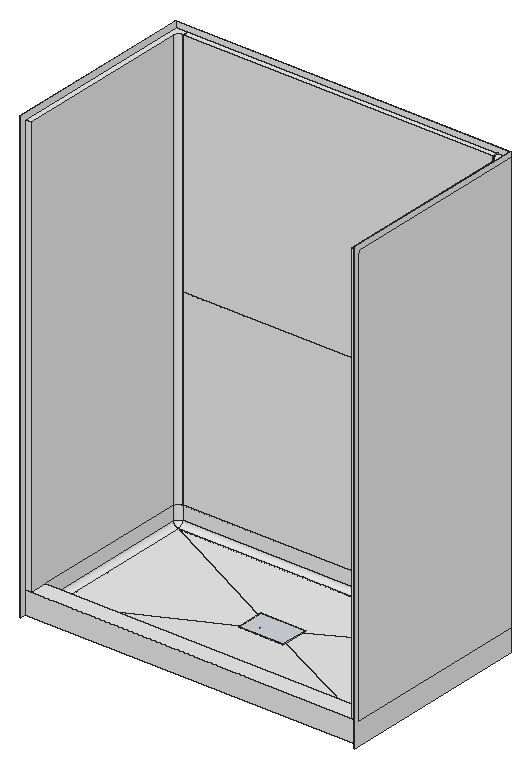
Revit family "5LDS6034FBSQ.V2", category Plumbing Fixtures, Revit 2019
Family settings
  Round Connector Dimension = Use Diameter
  Part Type = Normal
  OmniClass Number = 23.45.05.14.17
  OmniClass Title = Showers
  Work Plane-Based = No
  Always vertical = Yes
  Cut with Voids When Loaded = No
  Shared = No
  Room Calculation Point = No
Parameters (values of type "5LDS6034FBSQ.V2")
  Unit Width = 60"
  Unit Height = 80 1/2"
  Unit Depth = 35"
  URL = "http://www.bestbath.com/"
  Type Comments = "Remodeler"
  Model = "5LDS6034FBSQ.V2"
  Material [instance] = Best Bath Gelcoat Fiberglass - Smooth
  Manufacturer = "Best Bath Systems, Inc."
  Keynote = "22 40 00.B3"
  Description = "Real Tile Finish"
  Assembly Code = "D2010710"
Reference planes (in)
  plane 1 "Back": y = -0.5
  plane 2: z = 0
  plane 3 "Left": x = 0
  plane 4: x = 60
  plane 5: z = 4
  plane 6: x = 30
  plane 7: y = 33.5
  plane 8: y = 17.5
  plane 9: x = 1.25
  plane 10: x = 58.75
  plane 11: y = 32.25
  plane 12: z = 0.625
  plane 13: z = 0.25
  plane 14: y = -1.5
  plane 15: z = 5
  plane 16: z = 38.25
  plane 17: z = 80.5
Forms (in)
  Extrusion 1, solid, material "Best Bath Gelcoat Fiberglass - Smooth"
    sketch origin (0, 0, 0) x (1, 0, 0) y (0, 1, 0)
      loop
        line (0, -0.5) -> (1.25, -0.5) -> (1.25, 31.25)
        arc (1.25, 31.25) -> (1.54289, 31.95711) -> (2.25, 32.25) r 1
        line (2.25, 32.25) -> (57.75, 32.25)
        arc (57.75, 32.25) -> (58.45711, 31.95711) -> (58.75, 31.25) r 1
        line (58.75, 31.25) -> (58.75, -0.5) -> (60, -0.5) -> (60, 33.5) -> (0, 33.5) -> (0, -0.5)
    from 0 to 4
  Extrusion 2, solid, material "Best Bath Gelcoat Fiberglass - Smooth"
    sketch origin (0, 0, 0) x (1, 0, 0) y (0, 1, 0)
      loop
        line (0, -0.5) -> (60, -0.5) -> (60, 33.5) -> (0, 33.5) -> (0, -0.5)
    from 0 to 0.625
  Sweep 3, solid, material "Best Bath Gelcoat Fiberglass - Smooth"
    path origin (0, 0, 0) x (1, 0, 0) y (0, 1, 0)
      loop
        line (58.75, -0.5) -> (58.75, 31.25)
        arc (58.75, 31.25) -> (58.45711, 31.95711) -> (57.75, 32.25) r 1
        line (57.75, 32.25) -> (2.25, 32.25)
        arc (2.25, 32.25) -> (1.54289, 31.95711) -> (1.25, 31.25) r 1
        line (1.25, 31.25) -> (1.25, -0.5)
    profile origin (1.25, 15.375, 0) x (1, 0, 0) y (0, 0, 1)
      loop
        line (0, 0.625) -> (0.9, 0.625)
        arc (0.9, 0.625) -> (0.2636, 0.8886) -> (0, 1.525) r 0.9
        line (0, 1.525) -> (0, 0.625)
  Blend 4, void
    base sketch origin (0, 0, 0) x (1, 0, 0) y (0, 1, 0)
      loop
        line (2.25, 3.5147) -> (57.75, 3.5147) -> (57.75, 31.25) -> (2.25, 31.25) -> (2.25, 3.5147)
    top sketch origin (0, 0, 0) x (1, 0, 0) y (0, 1, 0)
      loop
        circle (30, 17.5) r 0.10467
    from 0.625 to 0.25
  Sweep 5, solid, material "Best Bath Gelcoat Fiberglass - Smooth"
    path origin (0, 0, 0) x (1, 0, 0) y (0, 1, 0)
      loop
        line (1.25, -0.5) -> (58.75, -0.5)
    profile origin (30, -0.5, 0) x (0, 1, 0) y (0, 0, 1)
      loop
        line (0, 4) -> (0, 0) -> (4.11592, 0) -> (3.00305, 4) -> (0, 4)
  Extrusion 6, solid, material "Best Bath Gelcoat Fiberglass - Smooth"
    sketch origin (0, 0, 0) x (1, 0, 0) y (0, 1, 0)
      loop
        line (0, -1.5) -> (0.125, -1.5) -> (0.125, 33.375) -> (59.875, 33.375) -> (59.875, -1.5) -> (60, -1.5) -> (60, 33.5) -> (0, 33.5) -> (0, -1.5)
    from 5 to 80.5
  Extrusion 7, void
    sketch origin (0, 6, 0.625) x (0, 1, 0) y (1, 0, 0)
      loop
        line (14, 26) -> (14, 34) -> (9, 34) -> (9, 26) -> (14, 26)
    from 0 to 0.5
  Extrusion 8, void
    sketch origin (0, -4, 0.625) x (0, 1, 0) y (1, 0, 0)
      loop
        circle (21.5, 30) r 1.75
    from 0 to 1.25
  Extrusion 9, solid
    sketch origin (0.25, 2, 0.125) x (0, 1, 0) y (-1, 0, 0)
      loop
        line (18, -25.75) -> (13, -25.75) -> (13, -33.75) -> (18, -33.75) -> (18, -25.75)
    from 0 to 0.25
  Extrusion 10, solid, material "Best Bath Gelcoat Fiberglass - Smooth"
    sketch origin (0, -0.86165, 0) x (1, 0, 0) y (0, 1, 0)
      loop
        line (2.25, 34.36165) -> (2.25, 33.11165) -> (57.75, 33.11165) -> (57.75, 34.36165) -> (2.25, 34.36165)
    from 4 to 38.25
  Extrusion 11, solid, material "Best Bath Gelcoat Fiberglass - Smooth"
    sketch origin (0, -0.86165, 0) x (1, 0, 0) y (0, 1, 0)
      loop
        line (2.25, 33.11165) -> (57.75, 33.11165) -> (57.75, 34.36165) -> (2.25, 34.36165) -> (2.25, 33.11165)
    from 38.25 to 79.5
  Extrusion 12, solid, material "Best Bath Gelcoat Fiberglass - Smooth"
    sketch origin (0.25, -0.86165, 0) x (1, 0, 0) y (0, 1, 0)
      loop
        line (-0.25, 0.36165) -> (1, 0.36165) -> (1, 32.11165)
        arc (1, 32.11165) -> (1.29289, 32.81875) -> (2, 33.11165) r 1
        line (2, 33.11165) -> (2, 34.36165) -> (-0.25, 34.36165) -> (-0.25, 0.36165)
      loop
        line (59.75, 0.36165) -> (59.75, 34.36165) -> (57.5, 34.36165) -> (57.5, 33.11165)
        arc (57.5, 33.11165) -> (58.20711, 32.81875) -> (58.5, 32.11165) r 1
        line (58.5, 32.11165) -> (58.5, 0.36165) -> (59.75, 0.36165)
    from 4 to 79.5
  Extrusion 13, solid, material "Best Bath Gelcoat Fiberglass - Smooth"
    sketch origin (0, 0, 0) x (1, 0, 0) y (0, 1, 0)
      loop
        line (0, 33.5) -> (0, -1.5) -> (0.125, -1.5) -> (0.125, 33.375) -> (59.875, 33.375) -> (59.875, -1.5) -> (60, -1.5) -> (60, 33.5) -> (0, 33.5)
    from 0 to 5
Cuts and joins
  Blend 4, Extrusion 7, Extrusion 8 cuts Extrusion 1
  Blend 4, Extrusion 7, Extrusion 8 cuts Extrusion 2
  Blend 4, Extrusion 7, Extrusion 8 cuts Sweep 3
  Extrusion 7, Extrusion 8 cuts Sweep 5
  Extrusion 7, Extrusion 8 cuts Extrusion 6
  joined: Extrusion 1, Extrusion 2, Sweep 3, Sweep 5, Extrusion 6, Extrusion 13
Dimensions and locks (in)
  "Unit Width": plane 3 "Left" to plane 4
  plane 3 "Left" to plane 6 to plane 4 = 30", 30"
  locked: plane 7 to plane 11 at 1.25
  locked: plane 10 to plane 4 at 1.25
  locked: plane 3 "Left" to plane 9 at 1.25
  locked: plane 7 to plane 8 at 16
  locked: plane 12 to plane 13 at 0.375
  locked: plane 12 to level at 0.625
  locked: plane 14 to plane 1 "Back" at 1
  "Unit Depth": plane 7 to plane 14
  "Unit Height": plane 17 to level
  locked: plane 16 to plane 5 at 34.25
  aligned and locked: level to plane 2
  aligned and locked: Sweep 3 to plane 12
  aligned and locked: Sweep 3 sketch curve to plane 12
  aligned and locked: Extrusion 2 to plane 12
  aligned and locked: plane 8 to Blend 4 sketch curve
  aligned and locked: plane 6 to Blend 4 sketch curve
  aligned and locked: Extrusion 2 to Blend 4
  aligned and locked: Blend 4 to plane 13
  aligned and locked: plane 5 to Extrusion 1
  aligned and locked: plane 5 to Sweep 5
  aligned and locked: Extrusion 9 to cut or joined group 1 (Extrusion 1, Extrusion 2, Sweep 3, Blend 4, Sweep 5, Extrusion 6, Extrusion 7, Extrusion 8, Extrusion 13)  (x3)
  aligned and locked: cut or joined group 1 to Extrusion 9
  aligned and locked: Extrusion 11 to Extrusion 10
  aligned and locked: Extrusion 13 to Extrusion 6
  aligned and locked: plane 17 to Extrusion 6
  aligned and locked: Extrusion 10 to Extrusion 11
  aligned and locked: Extrusion 11 to cut or joined group 1
  aligned and locked: Extrusion 11 to plane 16
  aligned and locked: Extrusion 11 sketch curve to plane 11
  aligned and locked: plane 7 to Extrusion 11 sketch curve
Automatic sketch dimensions
  Extrusion 1 sketch curve to plane 3 "Left" = 0"
  Extrusion 1 sketch curve to plane 9 = 0"
  Extrusion 1 sketch curve to plane 11 = 0"
  plane 1 "Back" to Extrusion 1 sketch curve = 0"  (x2)
  Extrusion 1 sketch curve to plane 10 = 0"
  Extrusion 1 sketch curve to plane 4 = 0"
  Extrusion 1 sketch curve to plane 7 = 0"
  plane 9 to Extrusion 1 sketch curve = 1"
  Extrusion 1 sketch curve to plane 10 = 1"
  Extrusion 2 sketch curve to plane 3 "Left" = 0"
  Extrusion 2 sketch curve to plane 4 = 0"
  plane 1 "Back" to Extrusion 2 sketch curve = 0"
  Extrusion 2 sketch curve to plane 7 = 0"
  plane 1 "Back" to Sweep 3 sketch curve = 0"  (x2)
  Sweep 3 sketch curve to plane 9 = 0"
  Sweep 3 sketch curve to plane 11 = 0"
  Sweep 3 sketch curve to plane 10 = 0"
  plane 9 to Sweep 3 sketch curve = 1"
  Sweep 3 sketch curve to Sweep 3 sketch curve = 1"
  profile plane to Sweep 3 sketch curve = 0"
  Sweep 3 sketch curve to profile plane = 0.9"
  plane 9 to Blend 4 sketch curve = 1"
  Blend 4 sketch curve to plane 10 = 1"
  Blend 4 sketch curve to plane 1 "Back" = 4.0147"
  Blend 4 sketch curve to plane 11 = 1"
  plane 1 "Back" to Sweep 5 sketch curve = 0"
  Sweep 5 sketch curve to plane 9 = 0"
  Sweep 5 sketch curve to plane 10 = 0"
  Sweep 5 sketch curve to level = 0"
  Sweep 5 sketch curve to profile plane = 0"
  Sweep 5 sketch curve to Sweep 5 sketch curve = 3.00305"
  Sweep 5 sketch curve to Sweep 5 sketch curve = 4.11592"
  level to Sweep 5 sketch curve = 4"
  Extrusion 6 sketch curve to plane 3 "Left" = 0"
  Extrusion 6 sketch curve to plane 14 = 0"  (x2)
  Extrusion 6 sketch curve to plane 4 = 0"
  Extrusion 6 sketch curve to plane 7 = 0"
  plane 3 "Left" to Extrusion 6 sketch curve = 1/8"
  plane 4 to Extrusion 6 sketch curve = 1/8"
  Extrusion 6 sketch curve to plane 7 = 1/8"
  Extrusion 7 sketch curve to Extrusion 2 = 15 1/2"
  Extrusion 7 sketch curve to Extrusion 7 sketch curve = 5"
  Extrusion 7 sketch curve to Extrusion 2 = 26"
  Extrusion 7 sketch curve to Extrusion 7 sketch curve = 8"
  Extrusion 8 sketch curve to Extrusion 2 = 16"
  Extrusion 8 sketch curve to Extrusion 2 = 30"
  Extrusion 9 sketch curve to Extrusion 7 = 0"  (x4)
  Extrusion 10 sketch curve to plane 11 = 0"
  Extrusion 10 sketch curve to plane 7 = 0"
  plane 9 to Extrusion 10 sketch curve = 1"
  Extrusion 10 sketch curve to plane 10 = 1"
  Extrusion 12 sketch curve to plane 3 "Left" = 0"
  plane 1 "Back" to Extrusion 12 sketch curve = 0"  (x2)
  Extrusion 12 sketch curve to plane 9 = 0"
  Extrusion 12 sketch curve to plane 11 = 0"  (x2)
  Extrusion 12 sketch curve to plane 7 = 0"  (x2)
  Extrusion 12 sketch curve to plane 10 = 0"
  Extrusion 12 sketch curve to plane 4 = 0"
  Extrusion 12 sketch curve to Extrusion 12 sketch curve = 1"
  Extrusion 12 sketch curve to plane 10 = 1"
  Extrusion 13 sketch curve to plane 3 "Left" = 0"
  Extrusion 13 sketch curve to plane 14 = 0"  (x2)
  Extrusion 13 sketch curve to plane 4 = 0"
  Extrusion 13 sketch curve to plane 7 = 0"
  plane 3 "Left" to Extrusion 13 sketch curve = 1/8"
  plane 4 to Extrusion 13 sketch curve = 1/8"
  Extrusion 13 sketch curve to plane 7 = 1/8"
  plane 9 to Extrusion 11 sketch curve = 1"
  Extrusion 11 sketch curve to plane 10 = 1"
  radius of Blend 4 sketch curve = 0.10467"
  radius of Extrusion 8 sketch curve = 1 3/4"
